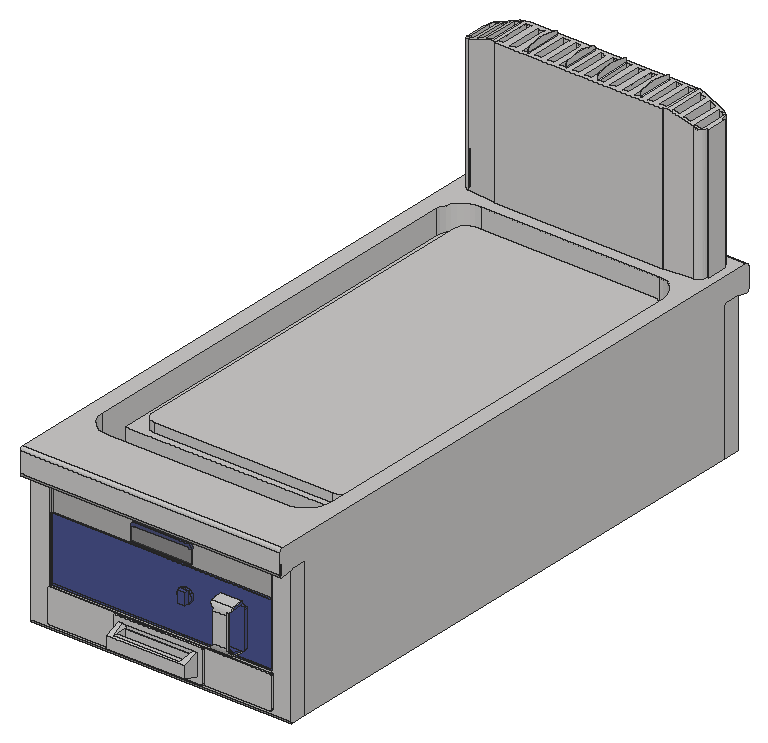
Revit family "QF_ELECTROLUXPROFESSIONAL_589092_MCHMAADOPO", category Specialty Equipment, Revit 2018
Family settings
  Round Connector Dimension = Use Diameter
  Part Type = Normal
  Work Plane-Based = No
  Always vertical = Yes
  Cut with Voids When Loaded = No
  Shared = No
  Room Calculation Point = No
Parameters
  Weight in Pounds = 152.1
  Watts = 0 W
  URL Cutsheet = ""
  Type Mark [instance] = ""
  Specification by User [instance] = ""
  Specification by Manufacturer = ""
  Show Clearance [instance] = yes
  Serial Number = ""
  Seismic Rating = ""
  SMACNA No = ""
  Revision Code [instance] = ""
  Omniclass Number and Title = ""
  NAFEM Spec ID Number = ""
  Model = "589092"
  Mechanical Remarks = ""
  Mechanical Connection Type = ""
  Masterspec = ""
  Manufacturer = "ELECTROLUX"
  Item Number [instance] = ""
  Installed By [instance] = ""
  Identify Quantity as Lot [instance] = yes
  HP = "0 HP"
  Gas Size = 1/2"
  Gas RI Height [instance] = 0 mm
  Gas KW = 10
  Gas Input [instance] = 34090.0 Btu/h
  Gas Connection Height = 0 mm
  Furnished By [instance] = ""
  Foodservice Equipment Identifier [instance] = yes
  Direct Waste Size = 0"
  Description = "GAS FRYTOP,SMOOTH PL,1-SIDE,400X900X250H"
  CSI MasterFormat = ""
  CSI Master Format = ""
  Back Panel [instance] = yes
Reference planes
  plane 1 "BACK": y = 0
  plane 2: z = 0
  plane 3 "LEFT": x = 0
  plane 4 "RIGHT": x = 400
  plane 5 "FRONT": y = -900
  plane 6 "TOP": z = 250
  plane 7: x = 200
  plane 8: y = -450
  plane 9: z = 481
  plane 10: y = -1330
Forms (mm)
  Extrusion 1, solid, material "QF_Finishes_Stainless Steel"
    sketch origin (0, -487.128, 0) x (0, 1, 0) y (0, 0, 1)
      loop
        line (483.128, 250) -> (-408.872, 250)
        arc (-408.872, 250) -> (-411.7, 248.828) -> (-412.872, 246) r 4
        line (-412.872, 246) -> (-412.872, 214)
        arc (-412.872, 214) -> (-411.443, 210.936) -> (-408.177, 210.061) r 4
        line (-408.177, 210.061) -> (-391.509, 213) -> (-366.872, 213) -> (-366.872, 0) -> (441.128, 0) -> (441.128, 213) -> (465.765, 213) -> (482.433, 210.061)
        arc (482.433, 210.061) -> (485.699, 210.936) -> (487.128, 214) r 4
        line (487.128, 214) -> (487.128, 246)
        arc (487.128, 246) -> (485.956, 248.828) -> (483.128, 250) r 4
    from 0 to 400
  Extrusion 2, solid, material "QF_Finishes_Stainless Steel", visible <- "Back Panel"
    sketch origin (0, 0, 0) x (0, 1, 0) y (0, 0, 1)
      loop
        line (-46, 0) -> (-20, 0) -> (-20, 213) -> (-46, 213) -> (-46, 0)
    from 0 to 400
  Extrusion 3, void
    sketch origin (653.786, 44.048, 250) x (1, 0, 0) y (0, -1, 0)
      loop
        line (-590.636, 138.048) -> (-316.936, 138.048)
        arc (-316.936, 138.048) -> (-289.96, 149.222) -> (-278.786, 176.198) r 38.15
        line (-278.786, 176.198) -> (-278.786, 816.572)
        arc (-278.786, 816.572) -> (-290.056, 843.779) -> (-317.263, 855.048) r 38.476
        line (-317.263, 855.048) -> (-591.786, 855.048)
        arc (-591.786, 855.048) -> (-617.949, 844.211) -> (-628.786, 818.048) r 37
        line (-628.786, 818.048) -> (-628.786, 176.198)
        arc (-628.786, 176.198) -> (-617.613, 149.222) -> (-590.636, 138.048) r 38.15
    from 0 to 37
  Extrusion 4, void
    sketch origin (1307.573, 92.096, 213) x (0, 1, 0) y (1, 0, 0)
      loop
        line (-821.846, -932.573) -> (-864.62, -932.573)
        arc (-864.62, -932.573) -> (-891.827, -943.842) -> (-903.096, -971.049) r 38.476
        line (-903.096, -971.049) -> (-903.096, -1245.573)
        arc (-903.096, -1245.573) -> (-892.259, -1271.736) -> (-866.096, -1282.573) r 37
        line (-866.096, -1282.573) -> (-821.846, -1282.573) -> (-821.846, -932.573)
    from 0 to 25.6
  Extrusion 5, void
    sketch origin (1307.573, 92.096, 187.4) x (-1, 0, 0) y (0, 1, 0)
      loop
        circle (1212.573, -862.096) r 22.248
    from 0 to 92
  Extrusion 6, solid, material "QF_Finishes_Stainless Steel"
    sketch origin (0, -854, 0) x (1, 0, 0) y (0, -1, 0)
      loop
        circle (365, -264) r 6.35
    from 0 to 3.2
  Extrusion 7, solid, material "QF_Door-Drawer Clearances", visible <- "Show Clearance", detail levels coarse
    sketch origin (237.31, -881.593, 8.62) x (0, 0, 1) y (-1, 0, 0)
      loop
        line (1.973, -134.295) -> (49.317, -134.295)
        arc (49.317, -134.295) -> (50.776, -133.691) -> (51.38, -132.232) r 2.063
        line (51.38, -132.232) -> (51.38, 206.852)
        arc (51.38, 206.852) -> (50.88, 208.549) -> (49.541, 209.705) r 3.133
        line (49.541, 209.705) -> (3.067, 209.705)
        arc (3.067, 209.705) -> (0.898, 208.807) -> (0, 206.638) r 3.067
        line (0, 206.638) -> (0, -132.322)
        arc (0, -132.322) -> (0.578, -133.717) -> (1.973, -134.295) r 1.973
    from 0 to 448.407
  Extrusion 8, solid, material "QF_Finishes_Stainless Steel"
    sketch origin (653.786, 44.048, 213) x (1, 0, 0) y (0, 1, 0)
      loop
        line (-608.786, -166.361) -> (-608.786, -745.485)
        arc (-608.786, -745.485) -> (-603.47, -758.319) -> (-590.636, -763.635) r 18.15
        line (-590.636, -763.635) -> (-316.936, -763.635)
        arc (-316.936, -763.635) -> (-304.102, -758.319) -> (-298.786, -745.485) r 18.15
        line (-298.786, -745.485) -> (-298.786, -166.361)
        arc (-298.786, -166.361) -> (-304.102, -153.527) -> (-316.936, -148.211) r 18.15
        line (-316.936, -148.211) -> (-590.636, -148.211)
        arc (-590.636, -148.211) -> (-603.47, -153.527) -> (-608.786, -166.361) r 18.15
    from 0 to 13.3
  Extrusion 9, solid, material "QF_Clearances", visible <- "Show Clearance", detail levels coarse
    sketch origin (-178.969, -4572, 0) x (-1, 0, 0) y (0, -1, 0)
      loop
        line (-78.969, -3672) -> (-178.969, -3672) -> (-178.969, -4572) -> (-578.969, -4572) -> (-578.969, -3672) -> (-678.969, -3672) -> (-678.969, -4672) -> (-78.969, -4672) -> (-78.969, -3672)
    from 0 to 250
Cuts and joins
  Extrusion 3, Extrusion 4, Extrusion 5 cuts Extrusion 1
Lines and regions (mm)
  symbolic lines
    curve 1: line (293.666, -902.326, 0) -> (293.666, -900, 0)
    curve 2: spline (299.334, -903.73, 0) -> (298.856, -903.657, 0) -> (298.378, -903.575, 0) -> (297.901, -903.486, 0) -> (297.425, -903.389, 0) -> (296.95, -903.283, 0) -> (296.476, -903.17, 0) -> (296.004, -903.049, 0) -> (295.533, -902.92, 0) -> (295.064, -902.783, 0) -> (294.596, -902.638, 0) -> (294.13, -902.486, 0) -> (293.666, -902.326, 0)
    curve 3: line (325.881, -902.326, 0) -> (325.881, -900, 0)
    curve 4: spline (325.881, -902.326, 0) -> (325.417, -902.486, 0) -> (324.951, -902.638, 0) -> (324.483, -902.783, 0) -> (324.014, -902.92, 0) -> (323.543, -903.049, 0) -> (323.071, -903.17, 0) -> (322.597, -903.283, 0) -> (322.122, -903.389, 0) -> (321.646, -903.486, 0) -> (321.169, -903.575, 0) -> (320.691, -903.657, 0) -> (320.213, -903.73, 0)
    curve 5: line (299.334, -903.73, 0) -> (320.213, -903.73, 0)
    curve 6: line (25, -774, 0) -> (25, -132.15, 0)
    curve 7: arc (25, -132.15, 0) -> (36.174, -105.174, 0) -> (63.15, -94, 0) r 38.15
    curve 8: line (63.15, -94, 0) -> (336.85, -94, 0)
    curve 9: arc (336.85, -94, 0) -> (363.826, -105.174, 0) -> (375, -132.15, 0) r 38.15
    curve 10: line (375, -132.15, 0) -> (375, -772.524, 0)
    curve 11: arc (375, -772.524, 0) -> (363.731, -799.731, 0) -> (336.524, -811, 0) r 38.476
    curve 12: line (336.524, -811, 0) -> (62, -811, 0)
    curve 13: arc (62, -811, 0) -> (35.837, -800.163, 0) -> (25, -774, 0) r 37
    curve 14: line (375, -729.75, 0) -> (25, -729.75, 0)
    curve 15: circle (95, -770, 0) r 22.248 normal (0, 0, -1)
    curve 16: line (0, 0, 0) -> (400, 0, 0)
    curve 17: line (0, -900, 0) -> (0, 0, 0)
    curve 18: line (400, -900, 0) -> (0, -900, 0)
    curve 19: line (400, 0, 0) -> (400, -900, 0)
    curve 20: line (147.608, -908.767, 0) -> (250.042, -908.767, 0)
    curve 21: line (250.042, -908.767, 0) -> (251.588, -900, 0)
    curve 22: line (147.608, -908.767, 0) -> (146.062, -900, 0)
  symbolic lines, style "QF_Door-Drawer Clearances"
    curve 23: line (27.605, -1330, 0) -> (27.605, -900, 0)
    curve 24: line (27.605, -1330, 0) -> (371.605, -1330, 0)
    curve 25: line (371.605, -1330, 0) -> (371.605, -900, 0)
  symbolic lines, style "SpecialityEquipment"
    curve 26: line (355, -701.437, 0) -> (355, -122.313, 0)
    curve 27: arc (355, -122.313, 0) -> (349.684, -109.479, 0) -> (336.85, -104.163, 0) r 18.15
    curve 28: line (336.85, -104.163, 0) -> (63.15, -104.163, 0)
    curve 29: arc (63.15, -104.163, 0) -> (50.316, -109.479, 0) -> (45, -122.313, 0) r 18.15
    curve 30: line (45, -122.313, 0) -> (45, -701.437, 0)
    curve 31: arc (45, -701.437, 0) -> (50.316, -714.271, 0) -> (63.15, -719.587, 0) r 18.15
    curve 32: line (63.15, -719.587, 0) -> (336.85, -719.587, 0)
    curve 33: arc (336.85, -719.587, 0) -> (349.684, -714.271, 0) -> (355, -701.437, 0) r 18.15
  symbolic lines, style "QF_Clearances", visible <- "Show Clearance", detail levels coarse
    curve 34: line (-100, 100, 0) -> (-100, -900, 0)
    curve 35: line (500, 100, 0) -> (-100, 100, 0)
    curve 36: line (500, -900, 0) -> (500, 100, 0)
Dimensions and locks
  plane 3 "LEFT" to plane 4 "RIGHT" = 400 mm
  plane 5 "FRONT" to plane 1 "BACK" = 900 mm
  equal spacing: plane 3 "LEFT", plane 7, plane 4 "RIGHT"
  equal spacing: plane 5 "FRONT", plane 8, plane 1 "BACK"
  plane 6 "TOP" to level = 250 mm  (x2)
  plane 1 "BACK" to plane 5 "FRONT" = 900 mm
  Extrusion 6 sketch curve to plane 1 "BACK" = 590 mm
  Extrusion 6 sketch curve to plane 4 "RIGHT" = 35 mm
  plane 5 "FRONT" to plane 10 = 430 mm
  plane 9 to plane 6 "TOP" = 231 mm
  plane 9 to level = 481 mm
  Extrusion 9 to plane 3 "LEFT" = 100 mm
  plane 4 "RIGHT" to Extrusion 9 = 100 mm
  plane 1 "BACK" to Extrusion 9 = 100 mm
  radius of Extrusion 8 sketch curve = 18.15 mm  (x4)
  aligned and locked: level to plane 2
  aligned and locked: plane 7 to nested 1
  aligned and locked: Extrusion 7 to plane 10
  aligned and locked: nested 2 to plane 6 "TOP"
  aligned and locked: plane 6 "TOP" to Extrusion 9
Automatic sketch dimensions
  Extrusion 2 sketch curve to Extrusion 2 sketch curve = 26 mm
  plane 1 "BACK" to Extrusion 2 sketch curve = 20 mm
  Extrusion 1 to Extrusion 3 sketch curve = 90 mm
  Extrusion 1 to Extrusion 3 sketch curve = 122 mm
  Extrusion 1 to Extrusion 3 sketch curve = 25 mm
  Extrusion 3 sketch curve to Extrusion 3 sketch curve = 38.15 mm  (x2)
  Extrusion 1 to Extrusion 3 sketch curve = 123.476 mm
  Extrusion 1 to Extrusion 3 sketch curve = 85 mm
  Extrusion 3 sketch curve to Extrusion 3 sketch curve = 274.524 mm
  Extrusion 1 sketch curve to plane 5 "FRONT" = 0 mm
  Extrusion 1 sketch curve to plane 6 "TOP" = 0 mm
  Extrusion 1 sketch curve to level = 0 mm
  Extrusion 1 sketch curve to plane 1 "BACK" = 0 mm
  Extrusion 1 sketch curve to plane 6 "TOP" = 37 mm  (x2)
  Extrusion 1 sketch curve to plane 5 "FRONT" = 4 mm
  Extrusion 1 sketch curve to plane 5 "FRONT" = 21.363 mm
  Extrusion 1 sketch curve to plane 5 "FRONT" = 46 mm
  plane 1 "BACK" to Extrusion 1 sketch curve = 21.363 mm
  plane 1 "BACK" to Extrusion 1 sketch curve = 4 mm  (x2)
  Extrusion 1 sketch curve to Extrusion 1 sketch curve = 4 mm
  Extrusion 1 sketch curve to Extrusion 1 sketch curve = 0.695 mm
  Extrusion 1 sketch curve to Extrusion 1 sketch curve = 0 mm  (x4)
  plane 1 "BACK" to Extrusion 1 sketch curve = 4.695 mm
  Extrusion 1 sketch curve to Extrusion 1 sketch curve = 1 mm  (x2)
  plane 1 "BACK" to Extrusion 1 sketch curve = 46 mm
  Extrusion 4 sketch curve to Extrusion 3 = 81.25 mm
  Extrusion 3 to Extrusion 4 sketch curve = 0 mm  (x2)
  Extrusion 4 sketch curve to Extrusion 4 sketch curve = 37 mm
  Extrusion 4 sketch curve to Extrusion 4 sketch curve = 274.524 mm
  Extrusion 4 sketch curve to Extrusion 3 = 38.476 mm
  Extrusion 5 sketch curve to Extrusion 4 = 41 mm
  Extrusion 5 sketch curve to Extrusion 4 = 70 mm
  Extrusion 7 sketch curve to nested 1 = 1.973 mm
  Extrusion 7 sketch curve to nested 1 = 2.853 mm
  Extrusion 7 sketch curve to nested 1 = 1.839 mm
  plane 1 "BACK" to curve 16 = 0 mm
  curve 16 to plane 4 "RIGHT" = 0 mm
  curve 23 to plane 10 = 0 mm
  curve 17 to plane 3 "LEFT" = 0 mm
  plane 5 "FRONT" to curve 25 = 0 mm
  plane 4 "RIGHT" to curve 10 = 25 mm
  curve 10 to curve 8 = 38.15 mm
  curve 11 to curve 12 = 38.476 mm
  plane 5 "FRONT" to curve 21 = 8.767 mm
  plane 5 "FRONT" to curve 3 = 2.326 mm
  plane 7 to curve 3 = 125.881 mm
  plane 5 "FRONT" to curve 5 = 3.73 mm
  curve 3 to curve 5 = 5.669 mm
  curve 5 to curve 22 = 172.605 mm
  curve 5 to curve 20 = 151.727 mm
  plane 5 "FRONT" to curve 1 = 2.326 mm
  curve 2 to curve 1 = 5.669 mm
  plane 3 "LEFT" to curve 8 = 63.15 mm
  plane 3 "LEFT" to curve 12 = 62 mm
  plane 3 "LEFT" to curve 23 = 27.605 mm
  plane 3 "LEFT" to curve 6 = 25 mm
  plane 4 "RIGHT" to curve 25 = 28.395 mm
  plane 5 "FRONT" to curve 4 = 4.032 mm
  curve 5 to curve 4 = 4.17 mm
  curve 4 to curve 22 = 169.98 mm
  curve 4 to curve 2 = 12.538 mm
  curve 15 to curve 13 = 33 mm
  plane 1 "BACK" to curve 8 = 94 mm
  curve 10 to plane 5 "FRONT" = 127.476 mm
  curve 14 to curve 13 = 44.25 mm
  curve 15 to curve 13 = 4 mm
  curve 2 to curve 4 = 0 mm
  Extrusion 8 sketch curve to Extrusion 3 = 20 mm
  Extrusion 8 sketch curve to Extrusion 3 = 91.413 mm
  Extrusion 8 sketch curve to Extrusion 3 = 38.15 mm
  Extrusion 8 sketch curve to Extrusion 3 = 28.313 mm
  plane 4 "RIGHT" to curve 26 = 45 mm
  plane 3 "LEFT" to curve 28 = 63.15 mm
  plane 1 "BACK" to curve 28 = 104.163 mm
  curve 28 to curve 8 = 0 mm
  curve 33 to curve 32 = 18.15 mm
  curve 32 to curve 14 = 38.15 mm
  curve 29 to curve 30 = 18.15 mm
  curve 30 to curve 14 = 28.313 mm
  plane 7 to curve 21 = 50.042 mm
  curve 21 to curve 20 = 1.546 mm
  plane 1 "BACK" to Extrusion 9 sketch curve = 0 mm
  plane 5 "FRONT" to Extrusion 9 sketch curve = 0 mm  (x2)
  Extrusion 9 sketch curve to plane 4 "RIGHT" = 100 mm
  Extrusion 9 sketch curve to plane 1 "BACK" = 100 mm
  Extrusion 9 sketch curve to plane 3 "LEFT" = 100 mm
  Extrusion 9 sketch curve to plane 3 "LEFT" = 0 mm
  Extrusion 9 sketch curve to plane 4 "RIGHT" = 0 mm
  curve 34 to plane 3 "LEFT" = 100 mm
  curve 34 to plane 1 "BACK" = 100 mm
  plane 5 "FRONT" to curve 34 = 0 mm
  curve 35 to plane 4 "RIGHT" = 100 mm
  plane 5 "FRONT" to curve 36 = 0 mm
  Extrusion 2 sketch curve to level = 0 mm
  Extrusion 2 sketch curve to plane 6 "TOP" = 37 mm
  radius of Extrusion 5 sketch curve = 22.248 mm
  radius of Extrusion 6 sketch curve = 6.35 mm
  radius of Extrusion 7 sketch curve to nested 1 = 0 mm  (x2)
  radius of curve 15 = 22.248 mm
Nested families
  nested 1: "GG_900_400 Front Panel with Center Grease Trap" at (202.376, -854, -650), type "GG_900_400 Front Panel with Center Grease Trap"
  nested 2: "GG_900_Flute for 400 fryer" at (404.201, -5, -635.571), type "GG_900_Flute for 400 fryer"
Connectors
  piping at (365, -590, -3.2), diameter 12.8
    settings: on Extrusion 6, index 1, connector inside diameter 0.50394", connector length 0 mm, flow factor 0, pipe flow 0 GPM, pressure drop 0.00 psi, fitting loss kfactor 0, connector angle 0.00°, fixture units 0, engagement length 0 mm, angle of deflection 0.00°, flow configuration 1, flow direction 1, fitting loss method 0, system type 7, joint type 0, gender type 0, connector reference index -1, connector utility 0, adjustable connector no, is connector primary yes, connector description "GAS CONNECTION"
Definition of nested family "GG_900_400 Front Panel with Center Grease Trap"
  Reference planes
    plane 1 "Center (Front/Back)": y = 0
    plane 2: z = 0
    plane 3 "Center (Left/Right)": x = -2.376
    plane 4: x = -202.376
    plane 5: x = 197.624
  Forms (mm)
    Extrusion 1, solid
      sketch origin (833.217, 829.203, -1.25) x (0, 1, 0) y (0, 0, 1)
        loop
          arc (-854.203, 654.25) -> (-853.324, 652.129) -> (-851.203, 651.25) r 3
          line (-851.203, 651.25) -> (-829.203, 651.25) -> (-829.203, 864.25) -> (-854.203, 864.25) -> (-854.203, 654.25)
      from -1035.593 to -635.593
    Extrusion 2, void
      sketch origin (33.217, 829.203, -1.25) x (1, 0, 0) y (0, 0, 1)
        loop
          line (-207.593, 855.116) -> (-207.593, 713.116) -> (136.407, 713.116) -> (136.407, 855.116) -> (-207.593, 855.116)
      from 848.59 to 854.203
    Extrusion 3, solid
      sketch origin (-166.718, -23.053, 847.184) x (0, 0, -1) y (1, 0, 0)
        loop
          circle (77.168, 200.901) r 11
      from 0 to 3.2
    Extrusion 4, solid
      sketch origin (-166.718, -26.253, 847.184) x (0, 0, -1) y (1, 0, 0)
        loop
          line (67.962, 195.586) -> (86.297, 195.586) -> (86.297, 206.217) -> (67.962, 206.217) -> (67.962, 195.586)
      from 0 to 6.4
  Cuts and joins
    Extrusion 2 cuts Extrusion 1
  Dimensions and locks
    equal spacing: plane 5, plane 3 "Center (Left/Right)", plane 4
    plane 5 to plane 4 = 400 mm
    plane 5 to nested 1 = 90 mm
    aligned and locked: cut or joined group of Extrusion 1, Extrusion 2 to plane 4
    aligned and locked: plane 5 to cut or joined group of Extrusion 1, Extrusion 2
    aligned and locked: plane 3 "Center (Left/Right)" to nested 2
    aligned and locked: cut or joined group of Extrusion 1, Extrusion 2 to nested 2
    aligned and locked: plane 3 "Center (Left/Right)" to nested 3
  Automatic sketch dimensions
    Extrusion 1 sketch curve to plane 1 "Center (Front/Back)" = 0 mm
    plane 1 "Center (Front/Back)" to Extrusion 1 sketch curve = 22 mm
    Extrusion 1 sketch curve to Extrusion 1 sketch curve = 3 mm
    level to Extrusion 1 sketch curve = 650 mm
    Extrusion 1 sketch curve to Extrusion 1 sketch curve = 210 mm
    plane 4 to Extrusion 2 sketch curve = 28 mm
    Extrusion 2 sketch curve to plane 5 = 28 mm
    level to Extrusion 2 sketch curve = 711.866 mm
    Extrusion 2 sketch curve to Extrusion 2 sketch curve = 142 mm
    nested 2 to Extrusion 3 sketch curve = 40.144 mm
    Extrusion 3 sketch curve to nested 2 = 132.531 mm
    Extrusion 4 sketch curve to Extrusion 4 sketch curve = 18.335 mm
    Extrusion 4 sketch curve to Extrusion 4 sketch curve = 10.631 mm
    radius of Extrusion 3 sketch curve = 11 mm
  Nested families
    nested 1: "Range Control Handle" at (107.624, -28.137, -209.113) x (-1, 0, 0) z (0, 0, 1), type "Range Control Handle"
    nested 2: "glass conrol panel" at (-2.376, 280.644, 2.752), type "glass conrol panel"
    nested 3: "grease trap door" at (65.223, -25, 0.608) x (-1, 0, 0) z (0, 0, 1), type "grease trap door"
  Definition of nested family "Range Control Handle"
    Reference planes
      plane 1 "Center (Front/Back)": y = 0
      plane 2: z = 0
      plane 3 "Center (Left/Right)": x = 0
      plane 4: z = 971.092
    Forms (mm)
      Extrusion 1, solid
        sketch origin (-746.28, 380.497, 208.931) x (-1, 0, 0) y (0, 0, 1)
          loop
            line (-770.101, 786.798) -> (-770.101, 731.649)
            arc (-770.101, 731.649) -> (-769.759, 730.563) -> (-768.855, 729.87) r 1.893
            line (-768.855, 729.87) -> (-763.474, 727.911) -> (-729.81, 727.911) -> (-724.428, 729.87)
            arc (-724.428, 729.87) -> (-723.525, 730.563) -> (-723.183, 731.649) r 1.893
            line (-723.183, 731.649) -> (-723.183, 786.798)
            arc (-723.183, 786.798) -> (-723.529, 787.894) -> (-724.44, 788.593) r 1.91
            line (-724.44, 788.593) -> (-729.683, 790.819) -> (-763.601, 790.819) -> (-768.844, 788.593)
            arc (-768.844, 788.593) -> (-769.755, 787.894) -> (-770.101, 786.798) r 1.91
        from -382.35 to -378.852
      Sweep 2, solid
        path origin (-746.788, 380.496, 208.091) x (0, -1, 0) y (0, 0, 1)
          loop
            line (379.775, 793.281) -> (395.661, 791.048)
            arc (395.661, 791.048) -> (397.781, 787.377) -> (398.517, 783.202) r 12.207
            line (398.517, 783.202) -> (398.517, 737.368)
            arc (398.517, 737.368) -> (397.781, 733.193) -> (395.661, 729.522) r 12.207
            line (395.661, 729.522) -> (379.775, 727.289)
        profile origin (-746.788, -7.222, 1000.256) x (0, -0.139173, 0.990268) y (-1, 0, 0)
          loop
            line (0.782, -763.123) -> (0.782, -730.907) -> (-1.322, -730.907) -> (-1.322, -763.123) -> (0.782, -763.123)
      Sweep 3, solid
        path origin (-746.788, 380.715, 207.832) x (0, -1, 0) y (0, 0, 1)
          loop
            line (380.478, 795.442) -> (397.218, 793.09)
            arc (397.218, 793.09) -> (399.929, 788.473) -> (400.871, 783.202) r 15.207
            line (400.871, 783.202) -> (400.871, 737.584)
            arc (400.871, 737.584) -> (399.914, 732.274) -> (397.164, 727.633) r 15.207
            line (397.164, 727.633) -> (380.601, 725.305)
        profile origin (-746.788, -8.132, 1002.099) x (0, -0.139173, 0.990268) y (-1, 0, 0)
          loop
            line (0.782, -763.123) -> (0.782, -730.907) -> (-1.322, -730.907) -> (-1.322, -763.123) -> (0.782, -763.123)
      Extrusion 4, void
        sketch origin (889.253, 220.666, 207.993) x (1, 0, 0) y (0, 0, 1)
          loop
            line (-943.038, 816.854) -> (-943.038, 703.686) -> (-899.466, 734.196) -> (-899.466, 786.344) -> (-943.038, 816.854)
        from 230.636 to 242.25
      Extrusion 5, void
        sketch origin (-888.8, 220.666, 207.993) x (-1, 0, 0) y (0, 0, -1)
          loop
            line (-943.038, -816.854) -> (-899.466, -786.344) -> (-899.466, -734.196) -> (-943.038, -703.686) -> (-943.038, -816.854)
        from 230.636 to 242.25
      Extrusion 6, solid
        sketch origin (0, 0, 0) x (1, 0, 0) y (0, 0, 1)
          loop
            circle (0, 971.092) r 7.736
        from -3.137 to -1.645
    Cuts and joins
      Extrusion 4, Extrusion 5 cuts Sweep 3
      Extrusion 4, Extrusion 5 cuts Sweep 2
      joined: Extrusion 1, Extrusion 6
    Lines and regions (mm)
      symbolic lines
        curve 1: line (23.821, 1.645, 0) -> (-23.097, 1.645, 0)
        curve 2: line (16.334, -1.853, 0) -> (23.821, -1.853, 0)
        curve 3: line (-15.881, -19.189, 0) -> (-15.881, -1.853, 0)
        curve 4: line (-23.097, -1.853, 0) -> (-15.881, -1.853, 0)
        curve 5: line (16.334, -19.189, 0) -> (16.334, -1.853, 0)
        curve 6: spline (-15.881, -19.189, 0) -> (-15.417, -19.349, 0) -> (-14.951, -19.501, 0) -> (-14.483, -19.646, 0) -> (-14.014, -19.783, 0) -> (-13.543, -19.912, 0) -> (-13.071, -20.033, 0) -> (-12.597, -20.146, 0) -> (-12.122, -20.251, 0) -> (-11.646, -20.349, 0) -> (-11.169, -20.438, 0) -> (-10.691, -20.52, 0) -> (-10.213, -20.593, 0)
        curve 7: spline (10.666, -20.593, 0) -> (11.144, -20.52, 0) -> (11.622, -20.438, 0) -> (12.099, -20.349, 0) -> (12.575, -20.251, 0) -> (13.05, -20.146, 0) -> (13.524, -20.033, 0) -> (13.996, -19.912, 0) -> (14.467, -19.783, 0) -> (14.936, -19.646, 0) -> (15.404, -19.501, 0) -> (15.87, -19.349, 0) -> (16.334, -19.189, 0)
        curve 8: line (-10.213, -20.938, 0) -> (10.716, -20.938, 0)
        curve 9: line (-23.097, 1.645, 0) -> (-23.097, -1.853, 0)
        curve 10: line (23.821, 1.645, 0) -> (23.821, -1.853, 0)
  Definition of nested family "glass conrol panel"
    Reference planes
      plane 1 "Center (Front/Back)": y = 0
      plane 2: z = 0
      plane 3 "Center (Left/Right)": x = 0
    Forms (mm)
      Extrusion 1, solid
        sketch origin (378.286, 0, 0.617) x (1, 0, 0) y (0, 0, 1)
          loop
            line (-550.286, 806.791) -> (-550.286, 708.497) -> (-206.286, 708.497) -> (-206.286, 806.791) -> (-550.286, 806.791)
        from 300.031 to 304.8
      Extrusion 2, solid
        sketch origin (378.286, 0, 0.617) x (1, 0, 0) y (0, 0, 1)
          loop
            line (-550.286, 850.497) -> (-550.286, 806.791) -> (-206.286, 806.791) -> (-206.286, 850.497) -> (-550.286, 850.497)
        from 300.031 to 304.8
      Extrusion 3, void
        sketch origin (378.286, 0, 0.617) x (1, 0, 0) y (0, 0, 1)
          loop
            line (-547.628, 847.565) -> (-547.628, 710.699) -> (-209.196, 710.699) -> (-209.196, 847.565) -> (-547.628, 847.565)
        from 303.697 to 304.8
      Extrusion 4, solid
        sketch origin (-308.309, 1.101, -0.633) x (-1, 0, 0) y (0, 0, -1)
          loop
            line (-261.431, -812.62) -> (-355.186, -812.62) -> (-355.186, -834.177) -> (-350.269, -834.177) -> (-348.469, -835.977) -> (-268.039, -835.977) -> (-266.24, -834.177) -> (-261.431, -834.177) -> (-261.431, -812.62)
        from 304.798 to 306.745
      Extrusion 5, solid
        sketch origin (-308.309, 1.101, -0.633) x (-1, 0, 0) y (0, 0, -1)
          loop
            line (-350.269, -834.177) -> (-355.078, -834.177)
            arc (-355.078, -834.177) -> (-353.942, -838.747) -> (-349.686, -840.763) r 5.5
            line (-349.686, -840.763) -> (-266.98, -840.763)
            arc (-266.98, -840.763) -> (-262.706, -838.752) -> (-261.529, -834.177) r 5.549
            line (-261.529, -834.177) -> (-266.24, -834.177) -> (-268.039, -835.977) -> (-348.469, -835.977) -> (-350.269, -834.177)
        from 304.798 to 306.745
    Cuts and joins
      Extrusion 3 cuts Extrusion 1
      Extrusion 3 cuts Extrusion 2
    Dimensions and locks
      aligned and locked: Extrusion 1 to Extrusion 2
      aligned and locked: Extrusion 5 sketch curve to Extrusion 4  (x5)
      aligned and locked: Extrusion 5 to Extrusion 4
  Definition of nested family "grease trap door"
    Reference planes
      plane 1 "Center (Front/Back)": y = 0
      plane 2: z = 0
      plane 3 "Center (Left/Right)": x = 0
    Forms (mm)
      Extrusion 1, solid
        sketch origin (1627.55, 854.203, -1.25) x (1, 0, 0) y (0, 0, 1)
          loop
            arc (-1627.55, 661.235) -> (-1626.972, 659.84) -> (-1625.577, 659.262) r 1.973
            line (-1625.577, 659.262) -> (-1494.325, 659.262)
            arc (-1494.325, 659.262) -> (-1492.156, 660.16) -> (-1491.258, 662.329) r 3.067
            line (-1491.258, 662.329) -> (-1491.258, 708.803)
            arc (-1491.258, 708.803) -> (-1492.414, 710.143) -> (-1494.111, 710.642) r 3.133
            line (-1494.111, 710.642) -> (-1625.486, 710.642)
            arc (-1625.486, 710.642) -> (-1626.945, 710.038) -> (-1627.55, 708.579) r 2.063
            line (-1627.55, 708.579) -> (-1627.55, 661.235)
        from 856.795 to 859.203
      Extrusion 2, solid
        sketch origin (445.874, 2476.61, 0) x (0, 1, 0) y (0, 0, 1)
          loop
            line (-2506.377, 675.273) -> (-2481.61, 667.505) -> (-2481.61, 700.995) -> (-2506.377, 693.227) -> (-2506.377, 675.273)
        from -437.68 to -317.68
      Extrusion 3, void
        sketch origin (1627.55, 854.203, -1.25) x (1, 0, 0) y (0, 0, 1)
          loop
            line (-1614.883, 703) -> (-1610.542, 695.433) -> (-1508.17, 695.433) -> (-1503.828, 703) -> (-1614.883, 703)
          loop
            line (-1614.883, 668) -> (-1502.669, 668) -> (-1507.01, 675.567) -> (-1610.542, 675.567) -> (-1614.883, 668)
        from 832.916 to 883.97
      Extrusion 4, void
        sketch origin (447.55, 854.203, -1.25) x (1, 0, 0) y (0, 0, 1)
          loop
            line (-430.542, 695.433) -> (-430.542, 675.567) -> (-328.17, 675.567) -> (-328.17, 695.433) -> (-430.542, 695.433)
        from 859.203 to 874.202
      Extrusion 5, solid
        sketch origin (1627.55, 854.203, -1.25) x (1, 0, 0) y (0, 0, 1)
          loop
            arc (-1731.556, 661.235) -> (-1730.978, 659.84) -> (-1729.583, 659.262) r 1.973
            line (-1729.583, 659.262) -> (-1390.623, 659.262)
            arc (-1390.623, 659.262) -> (-1388.454, 660.16) -> (-1387.556, 662.329) r 3.067
            line (-1387.556, 662.329) -> (-1387.556, 708.803)
            arc (-1387.556, 708.803) -> (-1388.712, 710.143) -> (-1390.409, 710.642) r 3.133
            line (-1390.409, 710.642) -> (-1729.493, 710.642)
            arc (-1729.493, 710.642) -> (-1730.952, 710.038) -> (-1731.556, 708.579) r 2.063
            line (-1731.556, 708.579) -> (-1731.556, 661.235)
        from 854.203 to 856.795
    Cuts and joins
      Extrusion 3 cuts Extrusion 1
      Extrusion 3, Extrusion 4 cuts Extrusion 2
      joined: Extrusion 1, Extrusion 2
    Lines and regions (mm)
      symbolic lines
        curve 1: line (0, -2.593, 0) -> (136.292, -2.593, 0)
        curve 2: line (17.557, -29.767, 0) -> (12.667, -2.593, 0)
        curve 3: line (17.557, -29.767, 0) -> (119.991, -29.767, 0)
        curve 4: line (119.991, -29.767, 0) -> (124.881, -2.593, 0)
        curve 5: line (68.146, -2.593, 0) -> (68.146, -29.767, 0)
      model lines
        curve 6: line (67.599, 0, 658.012) -> (67.599, 0, 709.392)
    Dimensions and locks
      aligned and locked: Extrusion 2 to Extrusion 1
      aligned and locked: Extrusion 3 to Extrusion 2
      aligned and locked: Extrusion 4 to Extrusion 1
Definition of nested family "GG_900_Flute for 400 fryer"
  Reference planes
    plane 1 "Center (Front/Back)": y = 0
    plane 2: z = 0
    plane 3 "Center (Left/Right)": x = -138.888
    plane 4: x = -388.888
    plane 5: y = -37.994
    plane 6: x = -24.888
    plane 7: x = -382.888
    plane 8: x = -341.546
    plane 9: x = -397.742
    plane 10: x = -10.763
  Forms (mm)
    Extrusion 1, solid
      sketch origin (3208.371, -22.924, -275.679) x (1, 0, 0) y (0, 0, 1)
        loop
          line (-3597.259, 1365.162) -> (-3597.259, 1161.25) -> (-3227.259, 1161.25) -> (-3227.259, 1364.934) -> (-3271.553, 1381.055)
          arc (-3271.553, 1381.055) -> (-3274.994, 1381.949) -> (-3278.536, 1382.25) r 21
          line (-3278.536, 1382.25) -> (-3546.608, 1382.25)
          arc (-3546.608, 1382.25) -> (-3550.146, 1381.95) -> (-3553.582, 1381.058) r 21
          line (-3553.582, 1381.058) -> (-3597.259, 1365.162)
      from -17.885 to 48.024
    Extrusion 2, void
      sketch origin (3110.917, -926.426, -226.348) x (1, 0, 0) y (0, 1, 0)
        loop
          line (-3444.887, 915.362) -> (-3444.887, 861.502) -> (-3434.887, 861.502) -> (-3434.887, 915.362) -> (-3444.887, 915.362)
      from 1111.919 to 1332.919
    Extrusion 3, void
      sketch origin (0, 0, 0) x (1, 0, 0) y (0, 1, 0)
        loop
          line (-373.021, -61.567) -> (-373.021, -14.408) -> (-377.678, -14.821)
          spline (-377.678, -14.821) -> (-378.371, -14.929) -> (-379.046, -15.126) -> (-379.692, -15.41) -> (-380.301, -15.777) -> (-380.864, -16.22) -> (-381.37, -16.734) -> (-381.814, -17.309) -> (-382.188, -17.939) -> (-382.486, -18.613) -> (-382.704, -19.32) -> (-382.839, -20.051) -> (-382.888, -20.793)
          line (-382.888, -20.793) -> (-382.888, -55.104)
          spline (-382.888, -55.104) -> (-382.855, -55.807) -> (-382.746, -56.501) -> (-382.562, -57.176) -> (-382.305, -57.825) -> (-381.98, -58.437) -> (-381.589, -59.005) -> (-381.14, -59.521) -> (-380.637, -59.978) -> (-380.087, -60.369) -> (-379.499, -60.69) -> (-378.879, -60.936) -> (-378.237, -61.104)
          line (-378.237, -61.104) -> (-373.021, -61.567)
        loop
          line (-367.195, -62.083) -> (-357.328, -62.958) -> (-357.328, -13.046) -> (-367.195, -13.892) -> (-367.195, -62.083)
        loop
          line (-351.502, -12.529) -> (-351.502, -63.476) -> (-341.546, -64.358) -> (-341.546, -11.645) -> (-351.502, -12.529)
        loop
          line (-29.412, -14.802) -> (-33.505, -14.439) -> (-33.505, -61.567) -> (-28.848, -61.184)
          spline (-28.848, -61.184) -> (-28.15, -61.075) -> (-27.471, -60.875) -> (-26.82, -60.588) -> (-26.208, -60.217) -> (-25.644, -59.768) -> (-25.136, -59.248) -> (-24.692, -58.666) -> (-24.32, -58.029) -> (-24.024, -57.349) -> (-23.81, -56.634) -> (-23.681, -55.897) -> (-23.638, -55.149)
          line (-23.638, -55.149) -> (-23.638, -20.839)
          spline (-23.638, -20.839) -> (-23.689, -20.042) -> (-23.837, -19.26) -> (-24.082, -18.505) -> (-24.417, -17.791) -> (-24.838, -17.13) -> (-25.338, -16.534) -> (-25.906, -16.014) -> (-26.535, -15.577) -> (-27.211, -15.233) -> (-27.925, -14.986) -> (-28.663, -14.842) -> (-29.412, -14.802)
        loop
          line (-39.331, -13.922) -> (-49.198, -13.046) -> (-49.198, -62.989) -> (-39.331, -62.113) -> (-39.331, -13.922)
        loop
          line (-64.98, -11.615) -> (-64.98, -64.389) -> (-55.024, -63.506) -> (-55.024, -12.499) -> (-64.98, -11.615)
      from 885.571 to 1106.571
    Extrusion 4, void
      sketch origin (5.432, 225.414, 0) x (1, 0, 0) y (0, 1, 0)
        loop
          spline (-382.452, -291.267) -> (-383.887, -291.038) -> (-385.284, -290.622) -> (-386.623, -290.026) -> (-387.883, -289.259) -> (-389.044, -288.332) -> (-390.088, -287.26) -> (-391.001, -286.059) -> (-391.767, -284.747) -> (-392.375, -283.345) -> (-392.817, -281.874) -> (-393.084, -280.356) -> (-393.174, -278.815)
          line (-393.174, -278.815) -> (-403.174, -278.815) -> (-403.174, -302.496) -> (-338.779, -302.496) -> (-338.779, -295.112) -> (-382.452, -291.267)
        loop
          line (-382.452, -235.548) -> (-338.508, -231.703) -> (-338.508, -224.32) -> (-403.174, -224.32) -> (-403.174, -248.001) -> (-393.174, -248.001)
          spline (-393.174, -248.001) -> (-393.084, -246.459) -> (-392.817, -244.941) -> (-392.375, -243.47) -> (-391.767, -242.068) -> (-391.001, -240.757) -> (-390.088, -239.556) -> (-389.044, -238.484) -> (-387.883, -237.557) -> (-386.623, -236.79) -> (-385.284, -236.194) -> (-383.887, -235.778) -> (-382.452, -235.548)
        loop
          line (-36.918, -291.267) -> (-80.794, -295.112) -> (-80.794, -302.496) -> (-16.195, -302.496) -> (-16.195, -278.815) -> (-26.195, -278.815)
          spline (-26.195, -278.815) -> (-26.285, -280.356) -> (-26.553, -281.874) -> (-26.994, -283.345) -> (-27.602, -284.747) -> (-28.369, -286.059) -> (-29.281, -287.26) -> (-30.326, -288.332) -> (-31.487, -289.259) -> (-32.746, -290.026) -> (-34.085, -290.622) -> (-35.482, -291.038) -> (-36.918, -291.267)
        loop
          spline (-36.918, -235.548) -> (-35.482, -235.778) -> (-34.085, -236.194) -> (-32.746, -236.79) -> (-31.487, -237.557) -> (-30.326, -238.484) -> (-29.281, -239.556) -> (-28.369, -240.757) -> (-27.602, -242.068) -> (-26.994, -243.47) -> (-26.553, -244.941) -> (-26.285, -246.459) -> (-26.195, -248.001)
          line (-26.195, -248.001) -> (-16.195, -248.001) -> (-16.195, -224.32) -> (-80.861, -224.32) -> (-80.861, -231.703) -> (-36.918, -235.548)
      from 0 to 1124.213
    Extrusion 5, solid
      sketch origin (-119.329, 1835.371, -536.725) x (0, 1, 0) y (0, 0, 1)
        loop
          line (-1849.66, 1651.2) -> (-1860.917, 1653.592)
          arc (-1860.917, 1653.592) -> (-1873.392, 1654.903) -> (-1885.866, 1653.592) r 60
          line (-1885.866, 1653.592) -> (-1897.123, 1651.2)
          arc (-1897.123, 1651.2) -> (-1899.403, 1649.803) -> (-1900.294, 1647.286) r 4
          line (-1900.294, 1647.286) -> (-1900.294, 1644.257) -> (-1846.435, 1644.257) -> (-1846.435, 1647.286)
          arc (-1846.435, 1647.286) -> (-1847.327, 1649.803) -> (-1849.603, 1651.198) r 4
      from 4.99 to 5.968
    Extrusion 6, solid
      sketch origin (1141.179, -0.446, -506.698) x (1, 0, 0) y (0, 0, 1)
        loop
          line (-1428.929, 1613.23) -> (-1427.196, 1613.23)
          arc (-1427.196, 1613.23) -> (-1426.997, 1613.712) -> (-1426.929, 1614.23) r 2
          line (-1426.929, 1614.23) -> (-1427.929, 1614.23)
          arc (-1427.929, 1614.23) -> (-1428.221, 1613.523) -> (-1428.929, 1613.23) r 1
      from 10.618 to 64.478
    Extrusion 7, solid
      sketch origin (-299.878, 1835.371, -536.725) x (0, 1, 0) y (0, 0, 1)
        loop
          line (-1849.66, 1651.2) -> (-1860.917, 1653.592)
          arc (-1860.917, 1653.592) -> (-1873.392, 1654.903) -> (-1885.866, 1653.592) r 60
          line (-1885.866, 1653.592) -> (-1897.123, 1651.2)
          arc (-1897.123, 1651.2) -> (-1899.403, 1649.803) -> (-1900.294, 1647.286) r 4
          line (-1900.294, 1647.286) -> (-1900.294, 1644.257) -> (-1846.435, 1644.257) -> (-1846.435, 1647.286)
          arc (-1846.435, 1647.286) -> (-1847.327, 1649.803) -> (-1849.603, 1651.198) r 4
      from 13.128 to 14.364
    Extrusion 8, solid
      sketch origin (1199.162, -0.446, -506.698) x (1, 0, 0) y (0, 0, 1)
        loop
          line (-1428.929, 1613.23) -> (-1427.196, 1613.23)
          arc (-1427.196, 1613.23) -> (-1426.997, 1613.712) -> (-1426.929, 1614.23) r 2
          line (-1426.929, 1614.23) -> (-1427.929, 1614.23)
          arc (-1427.929, 1614.23) -> (-1428.221, 1613.523) -> (-1428.929, 1613.23) r 1
      from 10.618 to 64.478
    Extrusion 9, solid
      sketch origin (-229.628, 1835.371, -536.725) x (0, 1, 0) y (0, 0, 1)
        loop
          line (-1849.66, 1651.2) -> (-1860.917, 1653.592)
          arc (-1860.917, 1653.592) -> (-1873.392, 1654.903) -> (-1885.866, 1653.592) r 60
          line (-1885.866, 1653.592) -> (-1897.123, 1651.2)
          arc (-1897.123, 1651.2) -> (-1899.403, 1649.803) -> (-1900.294, 1647.286) r 4
          line (-1900.294, 1647.286) -> (-1900.294, 1644.257) -> (-1846.435, 1644.257) -> (-1846.435, 1647.286)
          arc (-1846.435, 1647.286) -> (-1847.327, 1649.803) -> (-1849.603, 1651.198) r 4
      from 0.861 to 1.841
    Extrusion 10, solid
      sketch origin (-1411.284, -0.446, -506.698) x (-1, 0, 0) y (0, 0, -1)
        loop
          arc (-1298.929, -1613.23) -> (-1298.221, -1613.523) -> (-1297.929, -1614.23) r 1
          line (-1297.929, -1614.23) -> (-1296.929, -1614.23)
          arc (-1296.929, -1614.23) -> (-1296.997, -1613.712) -> (-1297.196, -1613.23) r 2
          line (-1297.196, -1613.23) -> (-1298.929, -1613.23)
      from 10.618 to 64.478
    Extrusion 11, solid
      sketch origin (-185.128, 1835.371, -536.725) x (0, 1, 0) y (0, 0, 1)
        loop
          line (-1849.66, 1651.2) -> (-1860.917, 1653.592)
          arc (-1860.917, 1653.592) -> (-1873.392, 1654.903) -> (-1885.866, 1653.592) r 60
          line (-1885.866, 1653.592) -> (-1897.123, 1651.2)
          arc (-1897.123, 1651.2) -> (-1899.403, 1649.803) -> (-1900.294, 1647.286) r 4
          line (-1900.294, 1647.286) -> (-1900.294, 1644.257) -> (-1846.435, 1644.257) -> (-1846.435, 1647.286)
          arc (-1846.435, 1647.286) -> (-1847.327, 1649.803) -> (-1849.603, 1651.198) r 4
      from 4.99 to 6.005
    Extrusion 12, solid
      sketch origin (-1477.066, -0.446, -506.698) x (-1, 0, 0) y (0, 0, -1)
        loop
          arc (-1298.929, -1613.23) -> (-1298.221, -1613.523) -> (-1297.929, -1614.23) r 1
          line (-1297.929, -1614.23) -> (-1296.929, -1614.23)
          arc (-1296.929, -1614.23) -> (-1296.997, -1613.712) -> (-1297.196, -1613.23) r 2
          line (-1297.196, -1613.23) -> (-1298.929, -1613.23)
      from 10.618 to 64.478
    Extrusion 13, void
      sketch origin (3360.917, -926.426, -226.348) x (1, 0, 0) y (0, 1, 0)
        loop
          line (-3444.887, 915.362) -> (-3444.887, 861.502) -> (-3434.887, 861.502) -> (-3434.887, 915.362) -> (-3444.887, 915.362)
      from 1111.919 to 1332.919
    Extrusion 14, void
      sketch origin (3130.148, -926.426, -226.348) x (1, 0, 0) y (0, 1, 0)
        loop
          line (-3444.887, 915.362) -> (-3444.887, 861.502) -> (-3434.887, 861.502) -> (-3434.887, 915.362) -> (-3444.887, 915.362)
      from 1111.919 to 1332.919
    Extrusion 15, void
      sketch origin (3149.379, -926.426, -226.348) x (1, 0, 0) y (0, 1, 0)
        loop
          line (-3444.887, 915.362) -> (-3444.887, 861.502) -> (-3434.887, 861.502) -> (-3434.887, 915.362) -> (-3444.887, 915.362)
      from 1111.919 to 1332.919
    Extrusion 16, void
      sketch origin (3168.61, -926.426, -226.348) x (1, 0, 0) y (0, 1, 0)
        loop
          line (-3444.887, 915.362) -> (-3444.887, 861.502) -> (-3434.887, 861.502) -> (-3434.887, 915.362) -> (-3444.887, 915.362)
      from 1111.919 to 1332.919
    Extrusion 17, void
      sketch origin (3187.841, -926.426, -226.348) x (1, 0, 0) y (0, 1, 0)
        loop
          line (-3444.887, 915.362) -> (-3444.887, 861.502) -> (-3434.887, 861.502) -> (-3434.887, 915.362) -> (-3444.887, 915.362)
      from 1111.919 to 1332.919
    Extrusion 18, void
      sketch origin (3207.071, -926.426, -226.348) x (1, 0, 0) y (0, 1, 0)
        loop
          line (-3444.887, 915.362) -> (-3444.887, 861.502) -> (-3434.887, 861.502) -> (-3434.887, 915.362) -> (-3444.887, 915.362)
      from 1111.919 to 1332.919
    Extrusion 19, void
      sketch origin (3226.302, -926.426, -226.348) x (1, 0, 0) y (0, 1, 0)
        loop
          line (-3444.887, 915.362) -> (-3444.887, 861.502) -> (-3434.887, 861.502) -> (-3434.887, 915.362) -> (-3444.887, 915.362)
      from 1111.919 to 1332.919
    Extrusion 20, void
      sketch origin (3245.533, -926.426, -226.348) x (1, 0, 0) y (0, 1, 0)
        loop
          line (-3444.887, 915.362) -> (-3444.887, 861.502) -> (-3434.887, 861.502) -> (-3434.887, 915.362) -> (-3444.887, 915.362)
      from 1111.919 to 1332.919
    Extrusion 21, void
      sketch origin (3264.764, -926.426, -226.348) x (1, 0, 0) y (0, 1, 0)
        loop
          line (-3444.887, 915.362) -> (-3444.887, 861.502) -> (-3434.887, 861.502) -> (-3434.887, 915.362) -> (-3444.887, 915.362)
      from 1111.919 to 1332.919
    Extrusion 22, void
      sketch origin (3283.994, -926.426, -226.348) x (1, 0, 0) y (0, 1, 0)
        loop
          line (-3444.887, 915.362) -> (-3444.887, 861.502) -> (-3434.887, 861.502) -> (-3434.887, 915.362) -> (-3444.887, 915.362)
      from 1111.919 to 1332.919
    Extrusion 23, void
      sketch origin (3303.225, -926.426, -226.348) x (1, 0, 0) y (0, 1, 0)
        loop
          line (-3444.887, 915.362) -> (-3444.887, 861.502) -> (-3434.887, 861.502) -> (-3434.887, 915.362) -> (-3444.887, 915.362)
      from 1111.919 to 1332.919
    Extrusion 24, void
      sketch origin (3322.456, -926.426, -226.348) x (1, 0, 0) y (0, 1, 0)
        loop
          line (-3444.887, 915.362) -> (-3444.887, 861.502) -> (-3434.887, 861.502) -> (-3434.887, 915.362) -> (-3444.887, 915.362)
      from 1111.919 to 1332.919
    Extrusion 25, void
      sketch origin (3341.687, -926.426, -226.348) x (1, 0, 0) y (0, 1, 0)
        loop
          line (-3444.887, 915.362) -> (-3444.887, 861.502) -> (-3434.887, 861.502) -> (-3434.887, 915.362) -> (-3444.887, 915.362)
      from 1111.919 to 1332.919
  Cuts and joins
    Extrusion 2, Extrusion 3, Extrusion 4, Extrusion 13, Extrusion 14, Extrusion 15, Extrusion 16, Extrusion 17, Extrusion 18, Extrusion 19, Extrusion 20, Extrusion 21, Extrusion 22, Extrusion 23, Extrusion 24, Extrusion 25 cuts Extrusion 1
  Lines and regions (mm)
    symbolic lines
      curve 1: line (-89.839, -5.039, 0) -> (-319.049, -5.039, 0)
      curve 2: line (-377.28, -10.134, 0) -> (-319.049, -5.039, 0)
      curve 3: spline (-388.002, -22.586, 0) -> (-387.913, -21.045, 0) -> (-387.645, -19.527, 0) -> (-387.204, -18.056, 0) -> (-386.595, -16.654, 0) -> (-385.829, -15.343, 0) -> (-384.916, -14.142, 0) -> (-383.872, -13.07, 0) -> (-382.711, -12.143, 0) -> (-381.451, -11.376, 0) -> (-380.113, -10.779, 0) -> (-378.715, -10.363, 0) -> (-377.28, -10.134, 0)
      curve 4: line (-388.888, -22.586, 0) -> (-388.888, -53.401, 0)
      curve 5: spline (-377.28, -65.853, 0) -> (-378.715, -65.624, 0) -> (-380.113, -65.208, 0) -> (-381.451, -64.612, 0) -> (-382.711, -63.844, 0) -> (-383.872, -62.918, 0) -> (-384.916, -61.846, 0) -> (-385.829, -60.645, 0) -> (-386.595, -59.333, 0) -> (-387.204, -57.931, 0) -> (-387.645, -56.46, 0) -> (-387.913, -54.942, 0) -> (-388.002, -53.401, 0)
      curve 6: line (-319.049, -70.948, 0) -> (-89.839, -70.948, 0)
      curve 7: line (-319.049, -70.948, 0) -> (-377.28, -65.853, 0)
      curve 8: line (-31.608, -65.853, 0) -> (-89.839, -70.948, 0)
      curve 9: line (-18.75, -53.401, 0) -> (-18.75, -22.586, 0)
      curve 10: spline (-20.886, -53.401, 0) -> (-20.975, -54.942, 0) -> (-21.243, -56.46, 0) -> (-21.684, -57.931, 0) -> (-22.293, -59.333, 0) -> (-23.059, -60.645, 0) -> (-23.972, -61.846, 0) -> (-25.016, -62.918, 0) -> (-26.177, -63.844, 0) -> (-27.436, -64.612, 0) -> (-28.775, -65.208, 0) -> (-30.173, -65.624, 0) -> (-31.608, -65.853, 0)
      curve 11: spline (-31.608, -10.134, 0) -> (-30.173, -10.363, 0) -> (-28.775, -10.779, 0) -> (-27.436, -11.376, 0) -> (-26.177, -12.143, 0) -> (-25.016, -13.07, 0) -> (-23.972, -14.142, 0) -> (-23.059, -15.343, 0) -> (-22.293, -16.654, 0) -> (-21.684, -18.056, 0) -> (-21.243, -19.527, 0) -> (-20.975, -21.045, 0) -> (-20.886, -22.586, 0)
      curve 12: line (-89.839, -5.039, 0) -> (-31.608, -10.134, 0)
      curve 13: line (-138.888, 0, 1106.571) -> (-138.888, 0, 885.571)
  Dimensions and locks
    locked: plane 4 to plane 7 at 6
    locked: plane 9 to plane 4 at 8.854
    equal spacing: group 1, group 3, group 4, group 5, group 6, group 7, group 8, group 9, group 10, group 11, group 12, group 13, group 14, group 2  (x3)
    aligned and locked: Extrusion 1 to plane 4
    aligned and locked: Extrusion 7 to Extrusion 6
  Automatic sketch dimensions
    curve 13 to plane 3 "Center (Left/Right)" = 0 mm
    level to curve 13 = 885.571 mm
    curve 13 to curve 13 = 221 mm
    Extrusion 1 sketch curve to plane 4 = 0 mm
    Extrusion 1 sketch curve to plane 8 = 3.665 mm
    plane 8 to Extrusion 1 sketch curve = 3.31 mm
    Extrusion 1 sketch curve to plane 6 = 45.277 mm
    Extrusion 1 sketch curve to Extrusion 1 sketch curve = 6.982 mm
    plane 6 to Extrusion 1 sketch curve = 6 mm
    level to Extrusion 1 sketch curve = 885.571 mm
    Extrusion 1 sketch curve to Extrusion 1 sketch curve = 200 mm  (x2)
    Extrusion 1 sketch curve to Extrusion 1 sketch curve = 3.684 mm
    Extrusion 1 sketch curve to Extrusion 1 sketch curve = 3.912 mm
    Extrusion 1 sketch curve to Extrusion 1 sketch curve = 19.805 mm
    Extrusion 3 sketch curve to plane 8 = 0 mm
    Extrusion 3 sketch curve to plane 8 = 9.956 mm
    Extrusion 3 sketch curve to Extrusion 3 sketch curve = 5.826 mm  (x4)
    Extrusion 3 sketch curve to Extrusion 3 sketch curve = 9.867 mm  (x2)
    plane 7 to Extrusion 3 sketch curve = 5.682 mm
    Extrusion 3 sketch curve to Extrusion 3 sketch curve = 4.185 mm
    Extrusion 3 sketch curve to Extrusion 3 sketch curve = 0.472 mm
    Extrusion 3 sketch curve to Extrusion 3 sketch curve = 0 mm  (x4)
    plane 7 to Extrusion 3 sketch curve = 4.651 mm
    plane 7 to Extrusion 3 sketch curve = 0 mm
    Extrusion 3 sketch curve to plane 6 = 40.092 mm
    plane 1 "Center (Front/Back)" to Extrusion 3 sketch curve = 12.499 mm
    Extrusion 3 sketch curve to Extrusion 3 sketch curve = 9.957 mm
    Extrusion 3 sketch curve to Extrusion 3 sketch curve = 4.093 mm
    Extrusion 3 sketch curve to plane 6 = 4.432 mm  (x2)
    Extrusion 3 sketch curve to plane 6 = 3.96 mm
    plane 6 to Extrusion 3 sketch curve = 1.25 mm
    plane 1 "Center (Front/Back)" to Extrusion 3 sketch curve = 12.529 mm
    Extrusion 3 sketch curve to Extrusion 3 sketch curve = 0.547 mm  (x2)
    Extrusion 3 sketch curve to Extrusion 3 sketch curve = 0.517 mm  (x5)
    Extrusion 3 sketch curve to Extrusion 3 sketch curve = 0.846 mm
    Extrusion 3 sketch curve to Extrusion 3 sketch curve = 0.876 mm  (x2)
    Extrusion 3 sketch curve to Extrusion 3 sketch curve = 0.393 mm
    Extrusion 3 sketch curve to Extrusion 3 sketch curve = 0.362 mm
    Extrusion 3 sketch curve to Extrusion 3 sketch curve = 0.001 mm
    Extrusion 3 sketch curve to Extrusion 3 sketch curve = 0.02 mm
    Extrusion 3 sketch curve to Extrusion 3 sketch curve = 5.972 mm
    Extrusion 3 sketch curve to Extrusion 3 sketch curve = 6.038 mm  (x2)
    plane 5 to Extrusion 3 sketch curve = 11.118 mm  (x2)
    Extrusion 3 sketch curve to Extrusion 3 sketch curve = 5.993 mm
    Extrusion 3 sketch curve to Extrusion 3 sketch curve = 0.054 mm
    Extrusion 3 sketch curve to Extrusion 3 sketch curve = 0.009 mm
    Extrusion 3 sketch curve to Extrusion 3 sketch curve = 0.463 mm
    Extrusion 3 sketch curve to Extrusion 3 sketch curve = 0.383 mm
    Extrusion 3 sketch curve to Extrusion 3 sketch curve = 0.875 mm
    Extrusion 3 sketch curve to Extrusion 3 sketch curve = 0.518 mm
    Extrusion 3 sketch curve to Extrusion 3 sketch curve = 0.883 mm  (x2)
    Extrusion 3 sketch curve to Extrusion 3 sketch curve = 0.884 mm  (x2)
    Extrusion 4 sketch curve to plane 9 = 0 mm  (x2)
    Extrusion 4 sketch curve to plane 10 = 0 mm  (x2)
    plane 4 to Extrusion 4 sketch curve = 1.146 mm  (x2)
    plane 7 to Extrusion 4 sketch curve = 5.869 mm  (x2)
    plane 7 to Extrusion 4 sketch curve = 6.892 mm  (x2)
    plane 8 to Extrusion 4 sketch curve = 8.199 mm
    plane 8 to Extrusion 4 sketch curve = 8.47 mm
    plane 1 "Center (Front/Back)" to Extrusion 4 sketch curve = 6.289 mm  (x2)
    Extrusion 4 sketch curve to plane 6 = 50.541 mm
    Extrusion 4 sketch curve to plane 6 = 50.473 mm
    Extrusion 4 sketch curve to plane 6 = 7.621 mm
    Extrusion 4 sketch curve to plane 5 = 2.907 mm  (x2)
    Extrusion 4 sketch curve to Extrusion 4 sketch curve = 0 mm
    Extrusion 4 sketch curve to plane 6 = 6.597 mm  (x2)
    plane 6 to Extrusion 4 sketch curve = 4.125 mm  (x2)
    plane 5 to Extrusion 4 sketch curve = 2.907 mm  (x2)
    plane 5 to Extrusion 4 sketch curve = 15.407 mm
    Extrusion 4 sketch curve to Extrusion 4 sketch curve = 12.5 mm
    plane 5 to Extrusion 4 sketch curve = 31.704 mm  (x2)
    Extrusion 4 sketch curve to Extrusion 4 sketch curve = 7.384 mm
    Extrusion 4 sketch curve to Extrusion 4 sketch curve = 11.228 mm
    Extrusion 4 sketch curve to plane 5 = 15.407 mm  (x2)
    Extrusion 4 sketch curve to plane 1 "Center (Front/Back)" = 1.094 mm  (x2)
    plane 1 "Center (Front/Back)" to Extrusion 5 sketch curve = 64.923 mm
    Extrusion 5 sketch curve to Extrusion 5 sketch curve = 3.168 mm
    Extrusion 5 sketch curve to Extrusion 5 sketch curve = 0.003 mm
    Extrusion 5 sketch curve to Extrusion 5 sketch curve = 0.832 mm
    Extrusion 5 sketch curve to Extrusion 5 sketch curve = 11.257 mm
    Extrusion 5 sketch curve to Extrusion 5 sketch curve = 0 mm  (x2)
    plane 1 "Center (Front/Back)" to Extrusion 5 sketch curve = 38.02 mm
    Extrusion 5 sketch curve to Extrusion 5 sketch curve = 24.949 mm
    Extrusion 5 sketch curve to Extrusion 5 sketch curve = 10.482 mm
    Extrusion 5 sketch curve to Extrusion 5 sketch curve = 0.775 mm
    Extrusion 5 sketch curve to Extrusion 5 sketch curve = 0.056 mm
    Extrusion 5 sketch curve to Extrusion 5 sketch curve = 4 mm
    level to Extrusion 5 sketch curve = 1058.178 mm
    Extrusion 5 sketch curve to Extrusion 5 sketch curve = 49.354 mm
    Extrusion 5 sketch curve to Extrusion 5 sketch curve = 3.029 mm  (x2)
    Extrusion 5 sketch curve to Extrusion 5 sketch curve = 0.001 mm  (x4)
    Extrusion 5 sketch curve to Extrusion 5 sketch curve = 2.392 mm
    Extrusion 6 sketch curve to Extrusion 6 sketch curve = 0 mm  (x3)
    plane 8 to Extrusion 6 sketch curve = 53.797 mm
    Extrusion 6 sketch curve to Extrusion 6 sketch curve = 1 mm  (x2)
    Extrusion 6 sketch curve to Extrusion 6 sketch curve = 0.732 mm
    level to Extrusion 6 sketch curve = 1106.532 mm
    plane 1 "Center (Front/Back)" to Extrusion 7 sketch curve = 64.923 mm
    Extrusion 7 sketch curve to Extrusion 7 sketch curve = 3.168 mm
    Extrusion 7 sketch curve to Extrusion 7 sketch curve = 0.003 mm
    Extrusion 7 sketch curve to Extrusion 7 sketch curve = 0.832 mm
    Extrusion 7 sketch curve to Extrusion 7 sketch curve = 11.257 mm
    Extrusion 7 sketch curve to Extrusion 7 sketch curve = 0 mm  (x2)
    plane 1 "Center (Front/Back)" to Extrusion 7 sketch curve = 38.02 mm
    Extrusion 7 sketch curve to Extrusion 7 sketch curve = 24.949 mm
    Extrusion 7 sketch curve to Extrusion 7 sketch curve = 10.482 mm
    Extrusion 7 sketch curve to Extrusion 7 sketch curve = 0.775 mm
    Extrusion 7 sketch curve to Extrusion 7 sketch curve = 0.056 mm
    Extrusion 7 sketch curve to Extrusion 7 sketch curve = 4 mm
    level to Extrusion 7 sketch curve = 1058.178 mm
    Extrusion 7 sketch curve to Extrusion 7 sketch curve = 49.354 mm
    Extrusion 7 sketch curve to Extrusion 7 sketch curve = 3.029 mm  (x2)
    Extrusion 7 sketch curve to Extrusion 7 sketch curve = 0.001 mm  (x4)
    Extrusion 7 sketch curve to Extrusion 7 sketch curve = 2.392 mm
    Extrusion 8 sketch curve to Extrusion 8 sketch curve = 0 mm  (x3)
    Extrusion 8 sketch curve to plane 3 "Center (Left/Right)" = 90.879 mm
    Extrusion 8 sketch curve to Extrusion 8 sketch curve = 1 mm  (x2)
    Extrusion 8 sketch curve to Extrusion 8 sketch curve = 0.732 mm
    level to Extrusion 8 sketch curve = 1106.532 mm
    plane 1 "Center (Front/Back)" to Extrusion 9 sketch curve = 64.923 mm
    Extrusion 9 sketch curve to Extrusion 9 sketch curve = 3.168 mm
    Extrusion 9 sketch curve to Extrusion 9 sketch curve = 0.003 mm
    Extrusion 9 sketch curve to Extrusion 9 sketch curve = 0.832 mm
    Extrusion 9 sketch curve to Extrusion 9 sketch curve = 11.257 mm
    Extrusion 9 sketch curve to Extrusion 9 sketch curve = 0 mm  (x2)
    plane 1 "Center (Front/Back)" to Extrusion 9 sketch curve = 38.02 mm
    Extrusion 9 sketch curve to Extrusion 9 sketch curve = 24.949 mm
    Extrusion 9 sketch curve to Extrusion 9 sketch curve = 10.482 mm
    Extrusion 9 sketch curve to Extrusion 9 sketch curve = 0.775 mm
    Extrusion 9 sketch curve to Extrusion 9 sketch curve = 0.056 mm
    Extrusion 9 sketch curve to Extrusion 9 sketch curve = 4 mm
    level to Extrusion 9 sketch curve = 1058.178 mm
    Extrusion 9 sketch curve to Extrusion 9 sketch curve = 49.354 mm
    Extrusion 9 sketch curve to Extrusion 9 sketch curve = 3.029 mm  (x2)
    Extrusion 9 sketch curve to Extrusion 9 sketch curve = 0.001 mm  (x4)
    Extrusion 9 sketch curve to Extrusion 9 sketch curve = 2.392 mm
    Extrusion 10 sketch curve to Extrusion 10 sketch curve = 0 mm  (x3)
    plane 3 "Center (Left/Right)" to Extrusion 10 sketch curve = 26.532 mm
    Extrusion 10 sketch curve to Extrusion 10 sketch curve = 1 mm  (x2)
    Extrusion 10 sketch curve to Extrusion 10 sketch curve = 0.732 mm
    level to Extrusion 10 sketch curve = 1107.532 mm
    plane 1 "Center (Front/Back)" to Extrusion 11 sketch curve = 64.923 mm
    Extrusion 11 sketch curve to Extrusion 11 sketch curve = 3.168 mm
    Extrusion 11 sketch curve to Extrusion 11 sketch curve = 0.003 mm
    Extrusion 11 sketch curve to Extrusion 11 sketch curve = 0.832 mm
    Extrusion 11 sketch curve to Extrusion 11 sketch curve = 11.257 mm
    Extrusion 11 sketch curve to Extrusion 11 sketch curve = 0 mm  (x2)
    plane 1 "Center (Front/Back)" to Extrusion 11 sketch curve = 38.02 mm
    Extrusion 11 sketch curve to Extrusion 11 sketch curve = 24.949 mm
    Extrusion 11 sketch curve to Extrusion 11 sketch curve = 10.482 mm
    Extrusion 11 sketch curve to Extrusion 11 sketch curve = 0.775 mm
    Extrusion 11 sketch curve to Extrusion 11 sketch curve = 0.056 mm
    Extrusion 11 sketch curve to Extrusion 11 sketch curve = 4 mm
    level to Extrusion 11 sketch curve = 1058.178 mm
    Extrusion 11 sketch curve to Extrusion 11 sketch curve = 49.354 mm
    Extrusion 11 sketch curve to Extrusion 11 sketch curve = 3.029 mm  (x2)
    Extrusion 11 sketch curve to Extrusion 11 sketch curve = 0.001 mm  (x4)
    Extrusion 11 sketch curve to Extrusion 11 sketch curve = 2.392 mm
    Extrusion 12 sketch curve to Extrusion 12 sketch curve = 0 mm  (x3)
    Extrusion 12 sketch curve to plane 3 "Center (Left/Right)" = 39.25 mm
    Extrusion 12 sketch curve to Extrusion 12 sketch curve = 1 mm  (x2)
    Extrusion 12 sketch curve to Extrusion 12 sketch curve = 0.732 mm
    level to Extrusion 12 sketch curve = 1107.532 mm
    curve 4 to plane 4 = 0 mm
    plane 4 to curve 3 = 0.886 mm
    plane 4 to curve 5 = 0.886 mm
    plane 7 to curve 7 = 5.608 mm
    plane 7 to curve 2 = 5.608 mm
    plane 7 to curve 3 = 6.632 mm
    plane 7 to curve 5 = 6.632 mm
    plane 1 "Center (Front/Back)" to curve 2 = 5.039 mm
    plane 8 to curve 2 = 22.497 mm
    plane 8 to curve 6 = 22.497 mm
    plane 3 "Center (Left/Right)" to curve 8 = 49.049 mm
    plane 3 "Center (Left/Right)" to curve 12 = 49.049 mm
    curve 10 to plane 6 = 7.744 mm
    curve 11 to plane 5 = 2.907 mm
    curve 11 to curve 10 = 0 mm
    curve 12 to plane 6 = 6.72 mm
    curve 8 to plane 6 = 6.72 mm
    plane 6 to curve 11 = 4.002 mm
    plane 6 to curve 10 = 4.002 mm
    curve 10 to curve 9 = 2.136 mm
    curve 3 to plane 5 = 2.907 mm
    plane 5 to curve 10 = 2.907 mm
    plane 5 to curve 5 = 2.907 mm
    plane 5 to curve 10 = 15.407 mm
    curve 5 to curve 5 = 12.5 mm
    curve 10 to curve 9 = 0 mm
    curve 4 to curve 5 = 0 mm
    plane 5 to curve 6 = 32.954 mm
    curve 11 to curve 11 = 12.5 mm
    curve 4 to plane 5 = 15.407 mm
    curve 11 to curve 9 = 0 mm
    curve 3 to curve 3 = 12.5 mm
